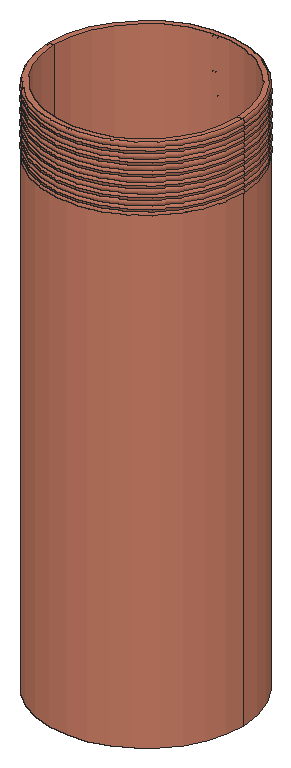
Revit family
Parameters (values of type "2646-02")
  Weight (lb) = 2.22
  Waste Connection = no
  Warranty = "1 year material and workmanship"  # constant formula
  Vent Connection = no
  URL = "http://www.jrsmith.com"
  Technical and Installation = "http://www.jrsmith.com/products/floor/tech_data_index.htm"
  SmartBIM Object Version = 3  # constant formula
  SmartBIM Object Created By = "Reed Construction Data"  # constant formula
  Product URL = "http://www.jrsmith.com/products/floor/submittal/d2646.pdf"
  Pipe Radius = Pipe Diameter / 2  # 0' - 1"
  OmniClass Title = "Sanitary Drains"  # constant formula
  OmniClass Code = "22-22 13 19 13"  # constant formula
  Model = "2646"  # constant formula
  Material Finish = Duco Coated
  Material = Cast Iron
  Manufacturer = "Jay R. Smith Mfg. Co. "  # constant formula
  Flow Rate = ""
  Description = "Duco cast iron hub and spigot adaptors"
  Default Elevation = 0' - 0"
  Connection Type = ""
  Pipe Height = 0' - 5 29/32"
  Assembly Code = "D2030300"
  Pipe Diameter = 0' - 2"
  95 CSI = "15155"  # constant formula
  04 CSI = "22 13 19"  # constant formula
Types (5): name | Weight (lb) | Pipe Radius | Pipe Diameter
  2646-02 | 2.22 | 0' - 1" | 0' - 2"
  2646-03 | 3.8 | 0' - 1 1/2" | 0' - 3"
  2646-04 | 5.09 | 0' - 2" | 0' - 4"
  2646-05 | 8.5 | 0' - 2 1/2" | 0' - 5"
  2646-06 | 8.86 | 0' - 3" | 0' - 6"
Reference planes (in)
  plane 1 "Center (Front/Back)": y = 0
  plane 2: z = 0
  plane 3 "Center (Left/Right)": x = 0
  plane 4: z = 0.125
Dimensions and locks (in)
  locked: plane 4 to level at 0.125
  aligned and locked: plane 1 "Center (Front/Back)" to nested 1
  aligned and locked: plane 3 "Center (Left/Right)" to nested 1
  aligned and locked: nested 1 to plane 4
Nested families (in)
  nested 1: "2646" at (0, 0, -5.78125), type "2646"
Connectors (in)
  piping at (0, 0, -5.78125), driven by "Pipe Radius"
    settings: on nested 1, index 1
  piping at (0, 0, 0.125), driven by "Pipe Radius"
    settings: on nested 1, index 2
Definition of nested family "2646"
  Parameters (values of type "2646")
    Weight (lb) = 2.22
    Waste Connection = no
    Warranty = "1 year material and workmanship"  # constant formula
    Vent Connection = no
    URL = "http://www.jrsmith.com"
    Technical and Installation = "http://www.jrsmith.com/products/floor/tech_data_index.htm"
    SmartBIM Object Version = 3  # constant formula
    SmartBIM Object Created By = "Reed Construction Data"  # constant formula
    Product URL = "http://www.jrsmith.com/products/floor/submittal/d2646.pdf"
    Pipe Radius = Pipe Diameter / 2  # 0' - 1"
    OmniClass Title = "Sanitary Drains"  # constant formula
    OmniClass Code = "22-22 13 19 13"  # constant formula
    Model = "2646"  # constant formula
    Material Finish = Duco Coated
    Material = Cast Iron
    Manufacturer = "Jay R. Smith Mfg. Co. "  # constant formula
    Flow Rate = ""
    Description = "Duco cast iron hub and spigot adaptors"
    Default Elevation = 4' - 0"
    Connection Type = ""
    Pipe Height = 0' - 5 29/32"
    Assembly Code = "D2030300"
    Pipe Diameter = 0' - 2"
    95 CSI = "15155"  # constant formula
    04 CSI = "22 13 19"  # constant formula
  Reference planes (in)
    plane 1 "Center (Front/Back)": y = 0
    plane 2: z = 0
    plane 3 "Center (Left/Right)": x = 0
    plane 4: x = 1
    plane 5: x = -1
    plane 6: z = 5.90625
  Forms (in)
    Revolve 1, solid, material "Duco Coated" <- "Material Finish"
      sketch origin (0, 0, 0) x (1, 0, 0) y (0, 0, 1)
        loop
          line (1.06662, 0) -> (1.06662, 5.19526)
          arc (1.06662, 5.19526) -> (1.06419, 5.2124) -> (1.05354, 5.22605) r 0.03355
          arc (1.05354, 5.22605) -> (1.06593, 5.23847) -> (1.07067, 5.25535) r 0.0347
          arc (1.07067, 5.25535) -> (1.06624, 5.27294) -> (1.05354, 5.28589) r 0.0347
          arc (1.05354, 5.28589) -> (1.06686, 5.31265) -> (1.05354, 5.33942) r 0.03355
          arc (1.05354, 5.33942) -> (1.06593, 5.35183) -> (1.07067, 5.36872) r 0.0347
          arc (1.07067, 5.36872) -> (1.06624, 5.38631) -> (1.05354, 5.39926) r 0.0347
          arc (1.05354, 5.39926) -> (1.06686, 5.42602) -> (1.05354, 5.45278) r 0.03355
          arc (1.05354, 5.45278) -> (1.06593, 5.4652) -> (1.07067, 5.48209) r 0.0347
          arc (1.07067, 5.48209) -> (1.06624, 5.49967) -> (1.05354, 5.51262) r 0.0347
          arc (1.05354, 5.51262) -> (1.06686, 5.53939) -> (1.05354, 5.56615) r 0.03355
          arc (1.05354, 5.56615) -> (1.06593, 5.57856) -> (1.07067, 5.59545) r 0.0347
          arc (1.07067, 5.59545) -> (1.06624, 5.61304) -> (1.05354, 5.62599) r 0.0347
          arc (1.05354, 5.62599) -> (1.06686, 5.65275) -> (1.05354, 5.67952) r 0.03355
          arc (1.05354, 5.67952) -> (1.06593, 5.69193) -> (1.07067, 5.70882) r 0.0347
          arc (1.07067, 5.70882) -> (1.06624, 5.72641) -> (1.05354, 5.73936) r 0.0347
          arc (1.05354, 5.73936) -> (1.06686, 5.76612) -> (1.05354, 5.79288) r 0.03355
          arc (1.05354, 5.79288) -> (1.06593, 5.8053) -> (1.07067, 5.82218) r 0.0347
          arc (1.07067, 5.82218) -> (1.06624, 5.83977) -> (1.05354, 5.85272) r 0.0347
          arc (1.05354, 5.85272) -> (1.06686, 5.87949) -> (1.05354, 5.90625) r 0.03355
          line (1.05354, 5.90625) -> (1, 5.90625) -> (1, 0) -> (1.06662, 0)
        axis (0, 5.90625) -> (0, 0)
      angle from 0 to 360
  Dimensions and locks (in)
    locked: Revolve 1 sketch curve to Revolve 1 sketch curve at 0.06662
    equal spacing: plane 5, plane 3 "Center (Left/Right)", plane 4
    "Pipe Diameter": plane 4 to plane 5
    "Pipe Height": plane 6 to plane 2
    aligned and locked: plane 4 to Revolve 1 sketch curve
    aligned and locked: Revolve 1 sketch curve to plane 3 "Center (Left/Right)"
    aligned and locked: Revolve 1 sketch curve to level
  Automatic sketch dimensions
    Revolve 1 sketch curve to Revolve 1 sketch curve = 0' - 0"  (x12)
    Revolve 1 sketch curve to plane 6 = 0' - 0"
    plane 4 to Revolve 1 sketch curve = 0' - 0.03331"  (x7)
    plane 4 to Revolve 1 sketch curve = 0' - 0.03598"  (x6)
    Revolve 1 sketch curve to Revolve 1 sketch curve = 0' - 0.02024"  (x12)
    Revolve 1 sketch curve to Revolve 1 sketch curve = 0' - 0.01307"
    Revolve 1 sketch curve to Revolve 1 sketch curve = 0' - 0.01712"  (x6)
    Revolve 1 sketch curve to level = 3' - 10.65555"
    plane 6 to Revolve 1 sketch curve = 0' - 0.71099"
    Revolve 1 sketch curve to Revolve 1 sketch curve = 0' - 0.00403"
    Revolve 1 sketch curve to Revolve 1 sketch curve = 0' - 0.0293"  (x6)
    Revolve 1 sketch curve to Revolve 1 sketch curve = 0' - 0.02676"  (x5)
    Revolve 1 sketch curve to plane 6 = 7' - 9.94448"
  Connectors (in)
    piping at (0, 0, 5.90625), driven by "Pipe Radius"
      settings: on Revolve 1, index 1
    piping at (0, 0, 0), driven by "Pipe Radius"
      settings: on Revolve 1, index 2
